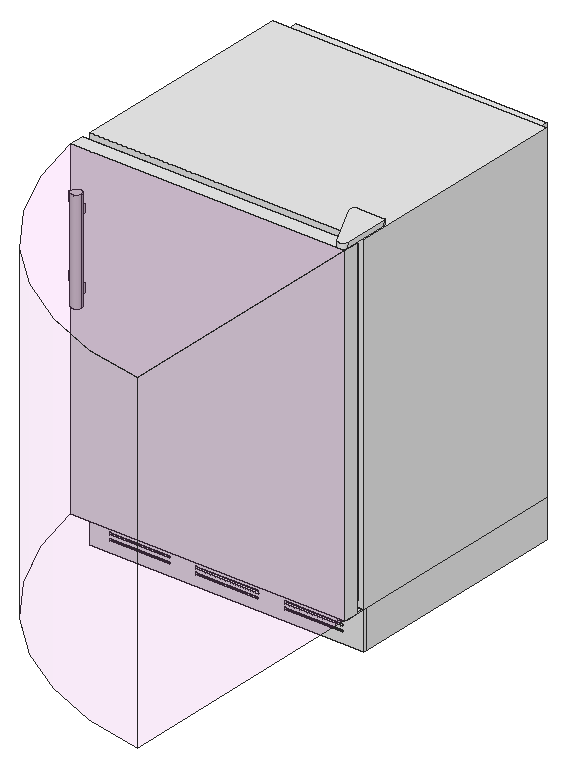
Revit family "QF_Summit_FF61WADA_Refrigerator", category Specialty Equipment, Revit 2020
Family settings
  Round Connector Dimension = Use Diameter
  Part Type = Normal
  Work Plane-Based = No
  Always vertical = Yes
  Cut with Voids When Loaded = No
  Shared = No
  Room Calculation Point = No
Parameters
  Weight in Pounds = 100
  Watts = Volts * FL Amps  # 103.5 W
  Volts = 115 V
  URL Cutsheet = ""
  Specification by User = ""
  Specification by Manufacturer = ""
  Show LHD [instance] = no
  Right Hinged Door [instance] = not(Show LHD)  # yes
  Serial Number = ""
  Seismic Rating = ""
  SMACNA No = ""
  Revision Code = ""
  Refrigerant Volume = 0.00 kip
  Refrigerant Type = "R600a"
  Phase = 1
  Number of Poles = 1
  NAFEM Spec ID Number = ""
  Model = "FF61WADA"
  Min Ckt Ampacity = 0 A
  Max Overcurrent Protection = 0 A
  Masterspec = ""
  Manufacturer = "Summit"
  Length = 23 5/8"
  Item Number = ""
  Installed By = ""
  Identify Quantity as Lot = yes
  Height = 32 3/8"
  HP = ""
  Furnished By = ""
  Foodservice Equipment Identifier = yes
  FL Amps = 0.9 A
  Electrical Remarks = ""
  Electric Connection Type = ""
  Elec Conn RI Height = 0"
  Elec Conn Connection Height = 0"
  Description = "Refrigerator"
  Depth = 23"
  Default Elevation = 0"
  Cycle = 60 Hz
  Conn Plug = ""
  Conn Conduit = yes
  CSI MasterFormat = ""
  BTUH = 0.0 Btu/h
  Apparent Power = if(Phase = 3, Volts * FL Amps * 1.73, Volts * FL Amps)  # 103.5 VA
Reference planes (in)
  plane 1 "BACK": y = 0
  plane 2: z = 0
  plane 3 "LEFT": x = 0
  plane 4 "RIGHT": x = 23.625
  plane 5 "FRONT": y = -23
  plane 6 "TOP": z = 32.375
  plane 7 "Center Y": x = 11.8125
  plane 8 "Center X": y = -11.5
  plane 9: z = 32
  plane 10: y = -24.625
  plane 11: y = -45.375
  plane 12: y = -1.25
  plane 13: y = -21
  plane 14: z = 0.125
  plane 15: z = 3.375
  plane 16: x = 17.625
  plane 17: y = -21.75
Forms (in)
  Extrusion 1, solid, material "QF_Metallic_Paint_White_Smooth"
    sketch origin (-4.07558, -180.6239, 0.25) x (-1, 0, 0) y (0, -1, 0)
      loop
        line (-4.07558, -179.3739) -> (-4.07558, -159.6239) -> (-27.70058, -159.6239) -> (-27.70058, -179.3739) -> (-4.07558, -179.3739)
    from 3.125 to 31.75
  Extrusion 2, solid, material "QF_Metallic_Paint_White_Smooth"
    sketch origin (-5.77638, -180.6239, 3.5) x (-1, 0, 0) y (0, -1, 0)
      loop
        line (-5.77638, -157.625) -> (-29.40138, -157.625) -> (-29.40138, -158.8739) -> (-5.77638, -158.8739) -> (-5.77638, -157.625)
    from -0.125 to 28.5
  Extrusion 3, solid, material "QF_Metallic_Paint_White_Smooth"
    sketch origin (23.5, -21.75, 3.5) x (-1, 0, 0) y (0, 0, 1)
      loop
        line (0.375, 0.375) -> (23, 0.375) -> (23, 28) -> (0.375, 28) -> (0.375, 0.375)
    from 0 to 0.75
  Extrusion 4, solid, material "QF_Metallic_Paint_White_Smooth", visible <- "Right Hinged Door"
    sketch origin (-5.77638, -180.6239, 32) x (-1, 0, 0) y (0, -1, 0)
      loop
        arc (-29.27619, -161.9892) -> (-29.20297, -162.16597) -> (-29.02619, -162.2392) r 0.25
        line (-29.02619, -162.2392) -> (-26.9149, -162.2392)
        arc (-26.9149, -162.2392) -> (-26.55876, -162.03565) -> (-26.55339, -161.62548) r 0.41333
        line (-26.55339, -161.62548) -> (-28.47012, -157.91871)
        arc (-28.47012, -157.91871) -> (-28.95386, -157.71088) -> (-29.27619, -158.12717) r 0.42999
        line (-29.27619, -158.12717) -> (-29.27619, -161.9892)
    from 0 to 0.375
  Extrusion 5, solid, material "QF_Metal_Stainless_Polished", visible <- "Right Hinged Door"
    sketch origin (-1.6459, -180.6239, 28.32044) x (-1, 0, 0) y (0, -1, 0)
      loop
        line (-1.6459, -158.625) -> (-1.5209, -158.625) -> (-1.5209, -157.55854) -> (-2.72981, -156.74311) -> (-3.38781, -156.74311) -> (-3.38781, -156.86811) -> (-2.76803, -156.86811) -> (-1.6459, -157.625) -> (-1.6459, -158.625)
    from 0 to -0.75
  Extrusion 6, solid, material "QF_Metal_Stainless_Polished", visible <- "Right Hinged Door"
    sketch origin (-4.89398, -180.6239, 20.5) x (-1, 0, 0) y (0, -1, 0)
      loop
        circle (-6.30689, -156.43406) r 0.43516
    from 0 to 8.75
  Extrusion 7, solid, material "QF_Metal_Stainless_Polished", visible <- "Right Hinged Door"
    sketch origin (-1.6459, -180.6239, 21.42956) x (0, 1, 0) y (1, 0, 0)
      loop
        line (158.625, 1.6459) -> (157.625, 1.6459) -> (156.86811, 2.76803) -> (156.86811, 3.38781) -> (156.74311, 3.38781) -> (156.74311, 2.72981) -> (157.55854, 1.5209) -> (158.625, 1.5209) -> (158.625, 1.6459)
    from 0 to -0.75
  Extrusion 8, solid, material "QF_Metallic_Paint_White_Smooth", visible <- "Right Hinged Door"
    sketch origin (-5.77638, -180.6239, 3.375) x (0, 1, 0) y (1, 0, 0)
      loop
        line (157.91871, 28.47012) -> (159.6239, 27.58839) -> (159.6239, 29.27619) -> (158.12717, 29.27619)
        arc (158.12717, 29.27619) -> (157.71088, 28.95386) -> (157.91871, 28.47012) r 0.42999
    from 0 to 0.125
  Extrusion 9, solid, material "QF_Metallic_Paint_White_Smooth"
    sketch origin (-12.48311, -21, 48) x (-1, 0, 0) y (0, 0, 1)
      loop
        line (-12.48311, -44.625) -> (-36.10811, -44.625) -> (-36.10811, -47.875) -> (-12.48311, -47.875) -> (-12.48311, -44.625)
      loop
        line (-14.18872, -45.26011) -> (-19.43872, -45.26011) -> (-19.43872, -45.51011) -> (-14.18872, -45.51011) -> (-14.18872, -45.26011)
      loop
        line (-14.18872, -45.76011) -> (-19.43872, -45.76011) -> (-19.43872, -46.01011) -> (-14.18872, -46.01011) -> (-14.18872, -45.76011)
      loop
        line (-14.18872, -46.26011) -> (-19.43872, -46.26011) -> (-19.43872, -46.51011) -> (-14.18872, -46.51011) -> (-14.18872, -46.26011)
      loop
        line (-14.18872, -46.76011) -> (-19.43872, -46.76011) -> (-19.43872, -47.01011) -> (-14.18872, -47.01011) -> (-14.18872, -46.76011)
      loop
        line (-21.67061, -45.26011) -> (-27.08391, -45.26011) -> (-27.08391, -45.51011) -> (-21.67061, -45.51011) -> (-21.67061, -45.26011)
      loop
        line (-21.67061, -45.76011) -> (-27.08391, -45.76011) -> (-27.08391, -46.01011) -> (-21.67061, -46.01011) -> (-21.67061, -45.76011)
      loop
        line (-21.67061, -46.26011) -> (-27.08391, -46.26011) -> (-27.08391, -46.51011) -> (-21.67061, -46.51011) -> (-21.67061, -46.26011)
      loop
        line (-21.67061, -46.76011) -> (-27.08391, -46.76011) -> (-27.08391, -47.01011) -> (-21.67061, -47.01011) -> (-21.67061, -46.76011)
      loop
        line (-34.40249, -45.26011) -> (-34.40249, -45.51011) -> (-29.3158, -45.51011) -> (-29.3158, -45.26011) -> (-34.40249, -45.26011)
      loop
        line (-34.40249, -45.76011) -> (-34.40249, -46.01011) -> (-29.3158, -46.01011) -> (-29.3158, -45.76011) -> (-34.40249, -45.76011)
      loop
        line (-34.40249, -46.26011) -> (-34.40249, -46.51011) -> (-29.3158, -46.51011) -> (-29.3158, -46.26011) -> (-34.40249, -46.26011)
      loop
        line (-34.40249, -46.76011) -> (-34.40249, -47.01011) -> (-29.3158, -47.01011) -> (-29.3158, -46.76011) -> (-34.40249, -46.76011)
    from 0 to 0.25
  Extrusion 10, solid, material "QF_Metallic_Paint_White_Smooth"
    sketch origin (-12.48311, -1.6239, 48) x (-1, 0, 0) y (0, 0, 1)
      loop
        line (-12.48311, -44.625) -> (-36.10811, -44.625) -> (-36.10811, -47.875) -> (-12.48311, -47.875) -> (-12.48311, -44.625)
    from -19.1261 to 0.3739
  Extrusion 11, solid, material "QF_Metallic_Paint_Black_Smooth"
    sketch origin (0, -0.6239, 0) x (1, 0, 0) y (0, 1, 0)
      loop
        circle (3.1104, -18.5) r 0.5
      loop
        circle (3.1104, -2.75) r 0.5
      loop
        circle (20.67791, -18.5) r 0.5
      loop
        circle (20.67791, -2.75) r 0.5
    from 0 to 0.125
  Extrusion 12, solid, material "QF_Metal_Stainless_Polished"
    sketch origin (0.16331, -1.25, 0.25) x (1, 0, 0) y (0, 0, -1)
      loop
        circle (17.46169, -0.84684) r 0.25
    from 0 to 0.25
  Extrusion 13, solid, material "QF_Metallic_Paint_White_Smooth"
    sketch origin (0, -1.3739, 17.75) x (0, -1, 0) y (1, 0, 0)
      loop
        line (-1.3739, 1) -> (-0.1239, 1) -> (-0.1239, 22.625) -> (-1.3739, 22.625) -> (-1.3739, 1)
    from -13.875 to 13.75
  Extrusion 14, solid, material "QF_Clearances_Door_Drawer", visible <- "Right Hinged Door"
    sketch origin (-5.77638, -180.6239, 3.375) x (0, -1, 0) y (-1, 0, 0)
      loop
        line (-157.625, -29.40138) -> (-135.2489, -29.40138)
        arc (-135.2489, -29.40138) -> (-142.44195, -13.80507) -> (-157.625, -5.77638) r 26.80476
        line (-157.625, -5.77638) -> (-157.625, -29.40138)
    from 0 to -28.625
  Extrusion 15, solid, material "QF_Metallic_Paint_White_Smooth", visible <- "Show LHD"
    sketch origin (29.40138, -180.6239, 32) x (1, 0, 0) y (0, 1, 0)
      loop
        line (-29.27619, 161.9892) -> (-29.27619, 158.12717)
        arc (-29.27619, 158.12717) -> (-28.95386, 157.71088) -> (-28.47012, 157.91871) r 0.42999
        line (-28.47012, 157.91871) -> (-26.55339, 161.62548)
        arc (-26.55339, 161.62548) -> (-26.55876, 162.03565) -> (-26.9149, 162.2392) r 0.41333
        line (-26.9149, 162.2392) -> (-29.02619, 162.2392)
        arc (-29.02619, 162.2392) -> (-29.20297, 162.16597) -> (-29.27619, 161.9892) r 0.25
    from 0 to 0.375
  Extrusion 16, solid, material "QF_Metal_Stainless_Polished", visible <- "Show LHD"
    sketch origin (25.2709, -180.6239, 28.32044) x (1, 0, 0) y (0, 1, 0)
      loop
        line (-1.6459, 158.625) -> (-1.6459, 157.625) -> (-2.76803, 156.86811) -> (-3.38781, 156.86811) -> (-3.38781, 156.74311) -> (-2.72981, 156.74311) -> (-1.5209, 157.55854) -> (-1.5209, 158.625) -> (-1.6459, 158.625)
    from 0 to -0.75
  Extrusion 17, solid, material "QF_Metal_Stainless_Polished", visible <- "Show LHD"
    sketch origin (28.51898, -180.6239, 20.5) x (1, 0, 0) y (0, 1, 0)
      loop
        circle (-6.30689, 156.43406) r 0.43516
    from 0 to 8.75
  Extrusion 18, solid, material "QF_Metal_Stainless_Polished", visible <- "Show LHD"
    sketch origin (25.2709, -180.6239, 21.42956) x (0, -1, 0) y (-1, 0, 0)
      loop
        line (-158.625, 1.6459) -> (-158.625, 1.5209) -> (-157.55854, 1.5209) -> (-156.74311, 2.72981) -> (-156.74311, 3.38781) -> (-156.86811, 3.38781) -> (-156.86811, 2.76803) -> (-157.625, 1.6459) -> (-158.625, 1.6459)
    from 0 to -0.75
  Extrusion 19, solid, material "QF_Metallic_Paint_White_Smooth", visible <- "Show LHD"
    sketch origin (29.40138, -180.6239, 3.375) x (0, -1, 0) y (-1, 0, 0)
      loop
        arc (-157.91871, 28.47012) -> (-157.71088, 28.95386) -> (-158.12717, 29.27619) r 0.42999
        line (-158.12717, 29.27619) -> (-159.6239, 29.27619) -> (-159.6239, 27.58839) -> (-157.91871, 28.47012)
    from 0 to 0.125
  Extrusion 20, solid, material "QF_Clearances_Door_Drawer", visible <- "Show LHD"
    sketch origin (29.40138, -180.6239, 3.375) x (0, 1, 0) y (1, 0, 0)
      loop
        line (157.625, -29.40138) -> (157.625, -5.77638)
        arc (157.625, -5.77638) -> (142.44195, -13.80507) -> (135.2489, -29.40138) r 26.80476
        line (135.2489, -29.40138) -> (157.625, -29.40138)
    from 0 to -28.625
Lines and regions (in)
  symbolic lines
    curve 1: line (0, -1.25, 0) -> (23.625, -1.25, 0)
    curve 2: line (0, -21, 0) -> (0, -1.25, 0)
    curve 3: line (23.625, -21, 0) -> (23.49982, -21, 0)
    curve 4: line (23.625, -1.25, 0) -> (23.625, -21, 0)
    curve 5: line (21.81201, -21, 0) -> (1.81299, -21, 0)
    curve 6: line (23.625, -22.9989, 0) -> (0, -22.9989, 0)
    curve 7: line (0, -21.75, 0) -> (0, -22.9989, 0)
    curve 8: line (23.625, -21.75, 0) -> (23.49982, -21.75, 0)
    curve 9: line (23.625, -22.9989, 0) -> (23.625, -21.75, 0)
    curve 10: line (22.19982, -21.75, 0) -> (1.42518, -21.75, 0)
    curve 18: line (1.08391, -23.88078, 0) -> (1.10657, -23.88078, 0)
    curve 22: line (1, -1.25, 0) -> (1, 0, 0)
    curve 23: line (22.625, 0, 0) -> (22.625, -1.25, 0)
    curve 32: line (22.625, 0, 0) -> (1, 0, 0)
    curve 53: line (0.12518, -21, 0) -> (0, -21, 0)
    curve 55: line (0.12518, -21.75, 0) -> (0, -21.75, 0)
  symbolic lines, visible <- "Right Hinged Door"
    curve 11: line (-0.125, -21.9989, 0) -> (-0.125, -23.06536, 0)
    curve 12: line (-0.125, -23.06536, 0) -> (1.08391, -23.88078, 0)
    curve 13: arc (0.97776, -24.18984, 0) -> (1.41291, -24.625, 0) -> (1.84807, -24.18984, 0) r 0.43516
    curve 14: line (1.74192, -23.75578, 0) -> (1.12213, -23.75578, 0)
    curve 15: line (1.12213, -23.75578, 0) -> (0, -22.9989, 0)
    curve 16: line (1.74192, -23.88078, 0) -> (1.74192, -23.75578, 0)
    curve 17: arc (1.84807, -24.18984, 0) -> (1.73137, -23.89328, 0) -> (1.44385, -23.75578, 0) r 0.43516
    curve 19: line (1.71926, -23.88078, 0) -> (1.74192, -23.88078, 0)
    curve 20: arc (1.38198, -23.75578, 0) -> (1.09446, -23.89328, 0) -> (0.97776, -24.18984, 0) r 0.43516
    curve 21: line (0.5, -21.75, 0) -> (0.5, -21, 0)
    curve 25: line (-0.125, -21.9989, 0) -> (0, -21.9989, 0)
    curve 26: line (23.24982, -18.3847, 0) -> (21.13852, -18.3847, 0)
    curve 27: arc (21.13852, -18.3847, 0) -> (20.78238, -18.58825, 0) -> (20.77701, -18.99842, 0) r 0.41333
    curve 28: line (20.77701, -18.99842, 0) -> (22.69374, -22.70519, 0)
    curve 29: arc (22.69374, -22.70519, 0) -> (23.17748, -22.91302, 0) -> (23.49982, -22.49673, 0) r 0.42999
    curve 30: line (23.49982, -22.49673, 0) -> (23.49982, -18.6347, 0)
    curve 31: arc (23.49982, -18.6347, 0) -> (23.42659, -18.45792, 0) -> (23.24982, -18.3847, 0) r 0.25
    curve 52: line (1.81299, -21, 0) -> (0.12518, -21, 0)
    curve 54: line (1.42518, -21.75, 0) -> (0.12518, -21.75, 0)
  symbolic lines, style "QF_Clearances_Door_Drawer", visible <- "Right Hinged Door"
    curve 24: line (23.625, -22.9989, 0) -> (4.47566, -34.05477, 0)
    curve 33: arc (4.47566, -34.05477, 0) -> (1.61508, -28.77894, 0) -> (0, -22.9989, 0) r 26.80476
  symbolic lines, visible <- "Show LHD"
    curve 34: line (23.75, -21.9989, 0) -> (23.75, -23.06536, 0)
    curve 35: line (23.75, -23.06536, 0) -> (22.54109, -23.88078, 0)
    curve 36: arc (22.64724, -24.18984, 0) -> (22.21209, -24.625, 0) -> (21.77693, -24.18984, 0) r 0.43516
    curve 37: line (21.88308, -23.75578, 0) -> (22.50287, -23.75578, 0)
    curve 38: line (22.50287, -23.75578, 0) -> (23.625, -22.9989, 0)
    curve 39: line (21.88308, -23.88078, 0) -> (21.88308, -23.75578, 0)
    curve 40: arc (21.77693, -24.18984, 0) -> (21.89363, -23.89328, 0) -> (22.18115, -23.75578, 0) r 0.43516
    curve 41: arc (22.24302, -23.75578, 0) -> (22.53054, -23.89328, 0) -> (22.64724, -24.18984, 0) r 0.43516
    curve 42: line (23.75, -21.9989, 0) -> (23.625, -21.9989, 0)
    curve 43: line (0.37518, -18.3847, 0) -> (2.48648, -18.3847, 0)
    curve 44: arc (2.48648, -18.3847, 0) -> (2.84262, -18.58825, 0) -> (2.84799, -18.99842, 0) r 0.41333
    curve 45: line (2.84799, -18.99842, 0) -> (0.93126, -22.70519, 0)
    curve 46: arc (0.93126, -22.70519, 0) -> (0.44752, -22.91302, 0) -> (0.12518, -22.49673, 0) r 0.42999
    curve 47: line (0.12518, -22.49673, 0) -> (0.12518, -18.6347, 0)
    curve 48: arc (0.12518, -18.6347, 0) -> (0.19841, -18.45792, 0) -> (0.37518, -18.3847, 0) r 0.25
    curve 50: line (22.54109, -23.88078, 0) -> (22.51843, -23.88078, 0)
    curve 51: line (21.90574, -23.88078, 0) -> (21.88308, -23.88078, 0)
    curve 56: line (23.125, -21.75, 0) -> (23.125, -21, 0)
    curve 57: line (21.81201, -21, 0) -> (23.49982, -21, 0)
    curve 58: line (22.19982, -21.75, 0) -> (23.49982, -21.75, 0)
  model lines, visible <- "Show LHD"
    curve 49: line (22.54109, -23.88078, 0) -> (21.88308, -23.88078, 0)
  symbolic lines, style "QF_Clearances_Door_Drawer", visible <- "Show LHD"
    curve 59: line (0, -22.9989, 0) -> (19.14934, -34.05477, 0)
    curve 60: arc (19.14934, -34.05477, 0) -> (22.00992, -28.77894, 0) -> (23.625, -22.9989, 0) r 26.80476
Dimensions and locks (in)
  equal spacing: plane 3 "LEFT", plane 7 "Center Y", plane 4 "RIGHT"
  "Length": plane 3 "LEFT" to plane 4 "RIGHT"
  equal spacing: plane 5 "FRONT", plane 8 "Center X", plane 1 "BACK"
  "Depth": plane 5 "FRONT" to plane 1 "BACK"
  "Height": plane 6 "TOP" to level
  plane 4 "RIGHT" to plane 3 "LEFT" = 23 5/8"
  locked: plane 6 "TOP" to plane 9 at 0.375
  locked: plane 10 to plane 5 "FRONT" at 1.625
  plane 1 "BACK" to plane 12 = 1 1/4"
  plane 12 to plane 13 = 19 3/4"
  plane 14 to plane 2 = 1/8"
  plane 9 to plane 14 = 31 7/8"
  locked: plane 15 to plane 14 at 3.25
  plane 9 to plane 2 = 32"
  plane 11 to plane 1 "BACK" = 45 3/8"
  plane 16 to plane 4 "RIGHT" = 6"
  aligned and locked: level to plane 2
Automatic sketch dimensions
  Extrusion 1 sketch curve to plane 4 "RIGHT" = 0"
  Extrusion 1 sketch curve to plane 3 "LEFT" = 0"
  Extrusion 1 sketch curve to plane 12 = 0"
  Extrusion 1 sketch curve to plane 13 = 0"
  Extrusion 2 sketch curve to plane 4 "RIGHT" = 0"
  Extrusion 2 sketch curve to plane 3 "LEFT" = 0"
  Extrusion 2 sketch curve to plane 17 = 0"
  Extrusion 2 sketch curve to plane 5 "FRONT" = 0.0011"
  Extrusion 2 to Extrusion 3 sketch curve = 1/2"  (x3)
  Extrusion 3 sketch curve to Extrusion 2 = 1/2"
  Extrusion 4 sketch curve to Extrusion 2 = 0.12518"
  Extrusion 4 sketch curve to Extrusion 4 sketch curve = 1/4"
  Extrusion 4 sketch curve to Extrusion 4 sketch curve = 0.42999"
  Extrusion 4 sketch curve to Extrusion 2 = 0.29371"
  Extrusion 4 sketch curve to Extrusion 4 sketch curve = 0.37608"
  Extrusion 4 sketch curve to Extrusion 4 sketch curve = 2.1113"
  Extrusion 4 sketch curve to Extrusion 4 sketch curve = 0.36151"
  Extrusion 2 to Extrusion 4 sketch curve = 2.75158"
  Extrusion 4 sketch curve to Extrusion 4 sketch curve = 0.20039"
  Extrusion 5 sketch curve to plane 3 "LEFT" = 0"
  plane 3 "LEFT" to Extrusion 5 sketch curve = 1.08391"
  Extrusion 5 sketch curve to Extrusion 5 sketch curve = 0.03822"
  Extrusion 5 sketch curve to Extrusion 5 sketch curve = 0.61979"
  Extrusion 5 sketch curve to plane 3 "LEFT" = 1/8"
  Extrusion 5 sketch curve to plane 17 = 0.2489"
  Extrusion 5 sketch curve to plane 5 "FRONT" = 0.0011"
  plane 5 "FRONT" to Extrusion 5 sketch curve = 0.06536"
  plane 5 "FRONT" to Extrusion 5 sketch curve = 0.75578"
  Extrusion 5 sketch curve to Extrusion 5 sketch curve = 1/8"
  plane 10 to Extrusion 6 sketch curve = 0.43516"
  plane 3 "LEFT" to Extrusion 6 sketch curve = 1.41291"
  Extrusion 7 sketch curve to plane 3 "LEFT" = 0"
  plane 10 to Extrusion 7 sketch curve = 0.74422"
  Extrusion 7 sketch curve to Extrusion 7 sketch curve = 1/8"
  plane 5 "FRONT" to Extrusion 7 sketch curve = 0.06536"
  Extrusion 7 sketch curve to plane 5 "FRONT" = 0.0011"
  Extrusion 7 sketch curve to plane 17 = 0.2489"
  plane 3 "LEFT" to Extrusion 7 sketch curve = 1.08391"
  Extrusion 7 sketch curve to Extrusion 7 sketch curve = 0.03822"
  Extrusion 7 sketch curve to Extrusion 7 sketch curve = 0.61979"
  Extrusion 7 sketch curve to plane 3 "LEFT" = 1/8"
  Extrusion 8 sketch curve to plane 13 = 0"
  Extrusion 8 sketch curve to plane 5 "FRONT" = 0.50327"
  Extrusion 8 sketch curve to plane 5 "FRONT" = 0.29481"
  plane 4 "RIGHT" to Extrusion 8 sketch curve = 0.12518"
  Extrusion 8 sketch curve to Extrusion 8 sketch curve = 0.42999"
  Extrusion 8 sketch curve to Extrusion 8 sketch curve = 1.68781"
  plane 4 "RIGHT" to Extrusion 9 sketch curve = 0"
  Extrusion 9 sketch curve to plane 3 "LEFT" = 0"
  Extrusion 9 sketch curve to plane 14 = 0"
  Extrusion 9 sketch curve to plane 15 = 0"
  plane 4 "RIGHT" to Extrusion 9 sketch curve = 1.70562"
  Extrusion 9 sketch curve to Extrusion 9 sketch curve = 0"  (x18)
  plane 16 to Extrusion 9 sketch curve = 0.79231"
  plane 14 to Extrusion 9 sketch curve = 0.86489"  (x2)
  Extrusion 9 sketch curve to Extrusion 9 sketch curve = 2.23188"  (x2)
  Extrusion 9 sketch curve to plane 15 = 1.13511"
  Extrusion 9 sketch curve to plane 7 "Center Y" = 2 5/8"
  plane 14 to Extrusion 9 sketch curve = 1.11489"
  plane 3 "LEFT" to Extrusion 9 sketch curve = 1.70562"
  Extrusion 9 sketch curve to Extrusion 9 sketch curve = 1/4"  (x20)
  plane 4 "RIGHT" to Extrusion 10 sketch curve = 0"
  Extrusion 10 sketch curve to plane 3 "LEFT" = 0"
  Extrusion 10 sketch curve to plane 14 = 0"
  Extrusion 10 sketch curve to plane 15 = 0"
  plane 3 "LEFT" to Extrusion 11 sketch curve = 3.1104"  (x2)
  plane 4 "RIGHT" to Extrusion 11 sketch curve = 2.94709"  (x2)
  plane 13 to Extrusion 11 sketch curve = 1.8761"  (x2)
  Extrusion 11 sketch curve to plane 12 = 2.1239"  (x2)
  Extrusion 12 sketch curve to Extrusion 1 = 2.27816"
  Extrusion 12 sketch curve to Extrusion 1 = 6"
  plane 1 "BACK" to Extrusion 13 sketch curve = 0"
  Extrusion 13 sketch curve to plane 12 = 0"
  plane 3 "LEFT" to Extrusion 13 sketch curve = 1"
  plane 4 "RIGHT" to Extrusion 13 sketch curve = 1"
  Extrusion 14 sketch curve to Extrusion 2 = 0"  (x3)
  Extrusion 14 sketch curve to Extrusion 2 = 3.02929"
  Extrusion 14 sketch curve to Extrusion 14 sketch curve = 22.3761"
  Extrusion 15 sketch curve to Extrusion 2 = 0.12518"
  Extrusion 15 sketch curve to Extrusion 15 sketch curve = 1/4"
  Extrusion 15 sketch curve to Extrusion 15 sketch curve = 0.42999"
  Extrusion 15 sketch curve to Extrusion 2 = 0.29371"
  Extrusion 15 sketch curve to Extrusion 15 sketch curve = 0.37608"
  Extrusion 15 sketch curve to Extrusion 15 sketch curve = 2.1113"
  Extrusion 15 sketch curve to Extrusion 15 sketch curve = 0.36151"
  Extrusion 2 to Extrusion 15 sketch curve = 2.75158"
  Extrusion 15 sketch curve to Extrusion 15 sketch curve = 0.20039"
  Extrusion 16 sketch curve to plane 4 "RIGHT" = 0"
  plane 4 "RIGHT" to Extrusion 16 sketch curve = 1.08391"
  Extrusion 16 sketch curve to Extrusion 16 sketch curve = 0.03822"
  Extrusion 16 sketch curve to Extrusion 16 sketch curve = 0.61979"
  Extrusion 16 sketch curve to plane 4 "RIGHT" = 1/8"
  plane 10 to Extrusion 16 sketch curve = 0.74422"
  Extrusion 16 sketch curve to Extrusion 16 sketch curve = 1/8"
  plane 5 "FRONT" to Extrusion 16 sketch curve = 0.06536"
  Extrusion 16 sketch curve to plane 5 "FRONT" = 0.0011"
  Extrusion 16 sketch curve to plane 17 = 0.2489"
  plane 10 to Extrusion 17 sketch curve = 0.43516"
  plane 4 "RIGHT" to Extrusion 17 sketch curve = 1.41291"
  Extrusion 18 sketch curve to plane 4 "RIGHT" = 0"
  Extrusion 18 sketch curve to plane 17 = 0.2489"
  Extrusion 18 sketch curve to plane 5 "FRONT" = 0.0011"
  plane 5 "FRONT" to Extrusion 18 sketch curve = 0.06536"
  plane 5 "FRONT" to Extrusion 18 sketch curve = 0.75578"
  Extrusion 18 sketch curve to Extrusion 18 sketch curve = 1/8"
  plane 4 "RIGHT" to Extrusion 18 sketch curve = 1.08391"
  Extrusion 18 sketch curve to Extrusion 18 sketch curve = 0.03822"
  Extrusion 18 sketch curve to Extrusion 18 sketch curve = 0.61979"
  Extrusion 18 sketch curve to plane 4 "RIGHT" = 1/8"
  Extrusion 19 sketch curve to plane 13 = 0"
  plane 3 "LEFT" to Extrusion 19 sketch curve = 0.12518"
  Extrusion 19 sketch curve to plane 5 "FRONT" = 0.50327"
  Extrusion 19 sketch curve to plane 5 "FRONT" = 0.29481"
  Extrusion 19 sketch curve to Extrusion 19 sketch curve = 0.42999"
  Extrusion 19 sketch curve to Extrusion 19 sketch curve = 1.68781"
  Extrusion 20 sketch curve to Extrusion 2 = 0"  (x3)
  Extrusion 20 sketch curve to Extrusion 20 sketch curve = 22.3761"
  Extrusion 20 sketch curve to Extrusion 2 = 2.83614"
  curve 13 to curve 17 = 0"  (x2)
  curve 13 to curve 20 = 0"  (x2)
  curve 17 to curve 20 = 0"  (x2)
  curve 36 to curve 40 = 0"  (x2)
  curve 36 to curve 41 = 0"  (x2)
  curve 40 to curve 41 = 0"  (x2)
  curve 59 to plane 3 "LEFT" = 0"
  curve 2 to plane 3 "LEFT" = 0"
  curve 55 to plane 17 = 0"
  curve 53 to plane 13 = 0"
  curve 54 to plane 17 = 0"
  curve 52 to plane 13 = 0"
  plane 1 "BACK" to curve 32 = 0"
  curve 22 to plane 12 = 0"
  curve 10 to plane 17 = 0"
  curve 5 to plane 13 = 0"
  curve 57 to plane 13 = 0"
  curve 58 to plane 17 = 0"
  curve 8 to plane 17 = 0"
  curve 3 to plane 13 = 0"
  curve 4 to plane 4 "RIGHT" = 0"
  curve 38 to plane 4 "RIGHT" = 0"
  curve 11 to plane 3 "LEFT" = 1/8"
  curve 60 to plane 3 "LEFT" = 2.83614"
  curve 7 to curve 54 = 0.12518"
  curve 47 to curve 43 = 1/4"
  curve 47 to curve 46 = 0.42999"
  curve 45 to plane 5 "FRONT" = 0.29481"
  curve 46 to curve 45 = 0.37608"
  plane 3 "LEFT" to curve 32 = 1"
  plane 3 "LEFT" to curve 18 = 1.08391"
  plane 5 "FRONT" to curve 15 = 0.75578"
  curve 12 to curve 15 = 0.03822"
  curve 12 to curve 13 = 0.329"
  curve 46 to curve 10 = 0.49392"
  curve 13 to curve 16 = 0.329"
  curve 48 to curve 44 = 2.1113"
  plane 13 to curve 45 = 2.00158"
  plane 3 "LEFT" to curve 24 = 4.47566"
  curve 59 to plane 16 = 1.52434"
  plane 4 "RIGHT" to curve 28 = 2.84799"
  curve 27 to curve 27 = 0.36151"
  plane 10 to curve 39 = 0.74422"
  plane 4 "RIGHT" to curve 39 = 1.74192"
  curve 39 to curve 40 = 0.329"
  curve 36 to curve 38 = 0.29079"
  curve 37 to curve 50 = 0.01556"
  curve 50 to curve 49 = 0.02266"
  plane 4 "RIGHT" to curve 32 = 1"
  curve 28 to plane 5 "FRONT" = 0.29481"
  plane 4 "RIGHT" to curve 28 = 0.93126"
  curve 28 to curve 29 = 0.37608"
  plane 4 "RIGHT" to curve 26 = 0.37518"
  plane 4 "RIGHT" to curve 30 = 0.12518"
  curve 34 to plane 4 "RIGHT" = 1/8"
  curve 33 to plane 4 "RIGHT" = 2.83614"
  curve 41 to curve 51 = 0.30906"
  plane 10 to curve 13 = 0.43516"
  curve 24 to plane 10 = 9.42977"
  curve 59 to curve 40 = 9.86493"
  curve 12 to curve 14 = 1/8"
  curve 19 to curve 14 = 1/8"
  curve 39 to curve 37 = 1/8"
  plane 5 "FRONT" to curve 34 = 0.06536"
  plane 5 "FRONT" to curve 11 = 0.06536"
  curve 24 to plane 5 "FRONT" = 0.0011"
  curve 25 to plane 17 = 0.2489"
  curve 42 to plane 17 = 0.2489"
  plane 13 to curve 28 = 2.00158"
  curve 27 to curve 27 = 0.20039"
  curve 45 to curve 44 = 0.20039"
  curve 52 to curve 21 = 0.37482"
  curve 20 to curve 12 = 0.10616"
  curve 56 to curve 58 = 0.37482"
  radius of Extrusion 6 sketch curve = 0.43516"
  radius of Extrusion 11 sketch curve = 1/2"  (x4)
  radius of Extrusion 12 sketch curve = 1/4"
  radius of Extrusion 17 sketch curve = 0.43516"
Connectors (in)
  electrical at (17.625, -1, 1.09684), driven by "Volts", driven by "Watts"
    settings: on Extrusion 12, index 3, voltage 115 V, apparent load 103.5 VA, apparent load phase1 0 VA, apparent load phase2 0 VA, apparent load phase3 0 VA, power factor 1, load classification "Other", number of poles 1, system type 30, power factor state 1, is connector primary yes, connector utility no, sub classification motor no, connector description ""
